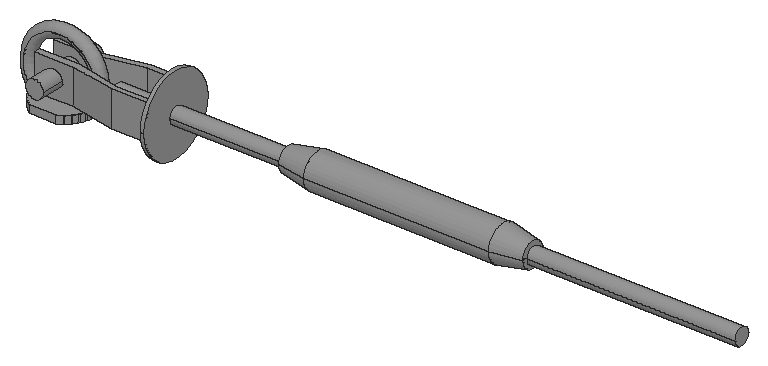
Revit family "HCL_Latchways_FallArrestSystemGuidedAnchorLine_StarterSet", category Generic Models, host Face, Revit 2014
Parameters (values of type "ManSafe CFP - Starter Set")
  WarrantyStartDate [instance] = "1900-12-31T23:59:59"
  WarrantyGuarantorParts = "n/a"
  WarrantyGuarantorLabor = "n/a"
  WarrantyDurationUnit = "year"
  WarrantyDurationParts = "n/a"
  WarrantyDurationLabor = "n/a"
  WarrantyDescription = "n/a"
  Version = "1"  # constant formula
  Uniclass2 = "80-30-25/135"
  URL = "www.latchways.com"
  Type Comments = "n/a"
  TagNumber [instance] = "n/a"
  SystemManufacturer = "MSA Latchways"  # constant formula
  SystemMaintenance = "Annual service to be completed byHCL Safety in accordance with BS7883:2005"  # constant formula
  SustainabilityPerformance = "n/a"
  StructuralAnchors = "n/a"
  Size = "36 x 454 x 49 mm"
  Shape = "n/a"
  SerialNumber [instance] = "n/a"
  Revision = "n/a"
  ReplacementCost = "n/a"
  Reference = "n/a"
  ProductInformation = "www.latchways.com/BIM/Latchways_ConstantForcePost_StartSet_TopComponents.pdf"
  PreInstallationSurvey = "Required"
  NominalWidth = 36 mm
  NominalLength = 454 mm
  NominalHeight = 49 mm
  Name = "FallArrestSystemGuidedAnchorLine_StartSet_MSA_Latchways"
  NBSTypeID = "n/a"
  NBSReference = "80-50-25/110"
  NBSOfficeMasterTag = "n/a"
  NBSNote = "n/a"
  NBSDescription = "Fall arrest system - guided anchor line"
  NBSCertification = "n/a"
  ModelReference = "Constant Force Post  - Start Set"
  ModelNumber = "n/a"
  Model = "n/a"
  Material = "n/a"
  ManufacturerURL = "www.latchways.com"
  ManufacturerName = "MSA Latchways"
  Manufacturer = "info@latchways.com"
  ManSafeForRoofingBrochure = "https://www.hclsafety.com/wp-content/uploads/2017/10/AC55-HCL-A4-brochure-2017.pdf"
  Installer Website = "https://www.hclsafety.com/"
  InstallationDate [instance] = "1900-12-31T23:59:59"
  IfcExportType = "IfcTransportElement"  # constant formula
  IfcExportAs = "NOTDEFINED"  # constant formula
  Grade = "n/a"
  FireExit = no
  Finish = "n/a"
  Features = "n/a"
  ExpectedLife = "n/a"
  DurationUnit = "year"
  Description = "Latchways ManSafe® for Roofing, using Constant Force posts"
  Default Elevation = 1219.2 mm
  ProductSpecification = "www.latchways.com/BIM/Latchways_Specification_ConstantForcePost.pdf"
  Constituents = "n/a"
  Color = "n/a"
  CodePerformance = "n/a"
  Category = "n/a"
  BarCode [instance] = "n/a"
  BIMObjectName = "HCL_Latchways_FallArrestSystemGuidedAnchorLine_StarterSet"
  Author = "MSA Latchways"  # constant formula
  AttachmentDeviceGuide = "https://www.latchways.com/sites/default/files/4600-026-MC_AttachmentDevice_Guide.pdf"
  AssetType = "Fixed"
  AssetIdentifier [instance] = "n/a"
  Assembly Code = ""
  AncillaryEquipment = "n/a"
  AnchorLine = "n/a"
  AccessibilityPerformance = "n/a"
Reference planes
  plane 1 "Center (Front/Back)": y = 0
  plane 2: z = 0
  plane 3 "Center (Left/Right)": x = 0
  plane 4: x = 0
  plane 5: y = 0
Forms (mm)
  Extrusion 1, solid, not visible
    sketch origin (0, 0, 0) x (1, 0, 0) y (0, 1, 0)
      loop
        line (-1219.2, 1219.2) -> (-1219.2, -1219.2) -> (1219.2, -1219.2) -> (1219.2, 1219.2) -> (-1219.2, 1219.2)
    from 0 to -250
Lines and regions (mm)
  reference lines
    curve 1: line (0, 0, 0) -> (0, 0, 20.5)
Dimensions and locks
  nested 1 to nested 1 = 36 mm
  plane 4 to nested 2 = 454 mm
  aligned and locked: plane 2 to Extrusion 1
  aligned and locked: level to Extrusion 1
Nested families
  nested 1: "LWplc_CFP_Attachment_Ring" at (0, 0, 0), type "LWplc_CFP_Attachment_Ring"
  nested 2: "LWplc_CFP_Starter_Element" at (0, 0, 20.5), type "LWplc_CFP_Starter_Element"
Definition of nested family "LWplc_CFP_Attachment_Ring"
  Reference planes
    plane 1 "Center (Front/Back)": y = 0
    plane 2: z = 0
    plane 3 "Center (Left/Right)": x = 0
  Forms (mm)
    Extrusion 1, solid, material "LWplc_Latchwaysplc_StainlessSteel_AISI304"
      sketch origin (0, 0, 0) x (1, 0, 0) y (0, 1, 0)
        loop
          arc (-8.718, 18) -> (-20, 0) -> (-8.718, -18) r 20
          line (-8.718, -18) -> (8.718, -18)
          arc (8.718, -18) -> (20, 0) -> (8.718, 18) r 20
          line (8.718, 18) -> (-8.718, 18)
      from 0 to 5
    Sweep 2, solid, material "LWplc_Latchwaysplc_StainlessSteel_AISI304"
      path in 3D
        loop
          arc (16.674, 0, 3.238) -> (-0.004, 0, 44.5) -> (-16.669, 0, 3.233) r 24
      profile origin (-0.004, 0, 44.5) x (0.000154, 0, -1) y (0, -1, 0)
        loop
          line (0, -4.5) -> (0, 4.5)
          spline (0, 4.5) -> (-1.164, 4.347) -> (-2.25, 3.897) -> (-3.182, 3.182) -> (-3.897, 2.25) -> (-4.346, 1.165) -> (-4.5, 0) -> (-4.346, -1.165) -> (-3.897, -2.25) -> (-3.182, -3.182) -> (-2.25, -3.897) -> (-1.164, -4.347) -> (0, -4.5)
    Extrusion 3, solid, material "LWplc_Latchwaysplc_StainlessSteel_AISI304"
      sketch origin (0, 0, 0) x (1, 0, 0) y (0, 1, 0)
        loop
          arc (-8.718, 18) -> (-20, 0) -> (-8.718, -18) r 20
          line (-8.718, -18) -> (8.718, -18)
          arc (8.718, -18) -> (20, 0) -> (8.718, 18) r 20
          line (8.718, 18) -> (-8.718, 18)
      from 0 to 5
    Sweep 4, solid, material "LWplc_Latchwaysplc_StainlessSteel_AISI304"
      path in 3D
        loop
          arc (12.48, 0, 0) -> (0, 0, 44.5) -> (-12.48, 0, 0) r 24
      profile origin (0, 0, 44.5) x (0, 0, -1) y (0, -1, 0)
        loop
          line (0, 0) -> (0, -4.5)
          arc (0, -4.5) -> (4.5, 0) -> (0, 4.5) r 4.5
          line (0, 4.5) -> (0, 0)
  Cuts and joins
    joined: Extrusion 1, Sweep 2, Sweep 4
  Lines and regions (mm)
    model lines
      curve 1: line (-8.718, 18, 0) -> (8.718, 18, 0)
      curve 2: line (-8.718, -18, 0) -> (8.718, -18, 0)
      curve 3: arc (-8.718, 18, 0) -> (-20, 0, 0) -> (-8.718, -18, 0) r 20
      curve 5: circle (0, 0, 0) r 7 normal (0, 0, 1)
      curve 7: arc (8.718, 18, 0) -> (20, 0, 0) -> (8.718, -18, 0) r 20
    sketch lines
      curve 4: arc (16.674, 0, 3.238) -> (-0.004, 0, 44.5) -> (-16.669, 0, 3.233) r 24
      curve 8: arc (12.48, 0, 0) -> (0, 0, 44.5) -> (-12.48, 0, 0) r 24
    reference lines
      curve 6: circle (0, 0, 20.5) r 6 normal (0, -1, 0)
    model lines, detail levels medium+fine
      curve 9: circle (0, 0, 5) r 7 normal (0, 0, 1)
  Dimensions and locks
    aligned and locked: level to plane 2
Definition of nested family "LWplc_CFP_Starter_Element"
  Reference planes
    plane 1 "Center (Front/Back)": y = 0
    plane 2: z = 0
    plane 3 "Center (Left/Right)": x = 0
  Forms (mm)
    Extrusion 1, solid, material "LWplc_Latchwaysplc_StainlessSteel_AISI304", detail levels medium+fine
      sketch origin (0, 0, 0) x (1, 0, 0) y (0, 0, 1)
        loop
          circle (0, 0) r 6
      from -25 to 25
    Extrusion 2, solid, material "LWplc_Latchwaysplc_StainlessSteel_AISI304"
      sketch origin (0, 0, 0) x (1, 0, 0) y (0, 1, 0)
        loop
          line (-12, -6) -> (-12, -10) -> (13.585, -10) -> (44.585, -16.5) -> (72, -16.5) -> (72, 16.5) -> (44.585, 16.5) -> (13.585, 10) -> (-12, 10) -> (-12, 6) -> (14, 6) -> (45, 12.5) -> (68, 12.5) -> (68, -12.5) -> (45, -12.5) -> (14, -6) -> (-12, -6)
      from -12 to 12
    Extrusion 3, solid, material "LWplc_Latchwaysplc_StainlessSteel_Brushed"
      sketch origin (61, 10, 0) x (0, -0.5, -0.866025) y (0, -0.866025, 0.5)
        loop
          circle (5, 8.66) r 5.5
      from -393 to 25
    Extrusion 4, solid, material "LWplc_Latchwaysplc_StainlessSteel_AISI304", detail levels medium+fine
      sketch origin (72, 10.5, 0) x (0, -1, 0) y (0, 0, -1)
        loop
          circle (10.5, 0) r 26.5
      from 0 to 2.5
    Revolve 5, solid, material "LWplc_Latchwaysplc_StainlessSteel_Polished", detail levels medium+fine
      sketch origin (0, 0, 0) x (1, 0, 0) y (0, 1, 0)
        loop
          line (314, 8.25) -> (294, 12) -> (170, 12) -> (150, 8.25) -> (150, 0) -> (314, 0) -> (314, 8.25)
        axis (150, 0) -> (314, 0)
      angle from 0 to 360
  Lines and regions (mm)
    reference lines
      curve 1: line (0, 0, 0) -> (150, 0, 0)
      curve 2: line (0, 10, 0) -> (0, -10, 0)
      curve 8: line (150, 0, 0) -> (314, 0, 0)
      curve 9: line (314, 0, 0) -> (454, 0, 0)
    model lines
      curve 3: circle (454, 0, 0) r 5.5 normal (-1, 0, 0)
      curve 4: line (72, 0, 12) -> (72, 0, -12)
      curve 5: circle (150, 0, 0) r 5.5 normal (1, 0, 0)
      curve 6: circle (314, 0, 0) r 5.5 normal (1, 0, 0)
      curve 7: circle (150, 0, 0) r 5.5 normal (-1, 0, 0)
    model lines, detail levels medium+fine
      curve 10: circle (454, 0, 0) r 4 normal (-1, 0, 0)
  Dimensions and locks
    aligned and locked: level to plane 2
